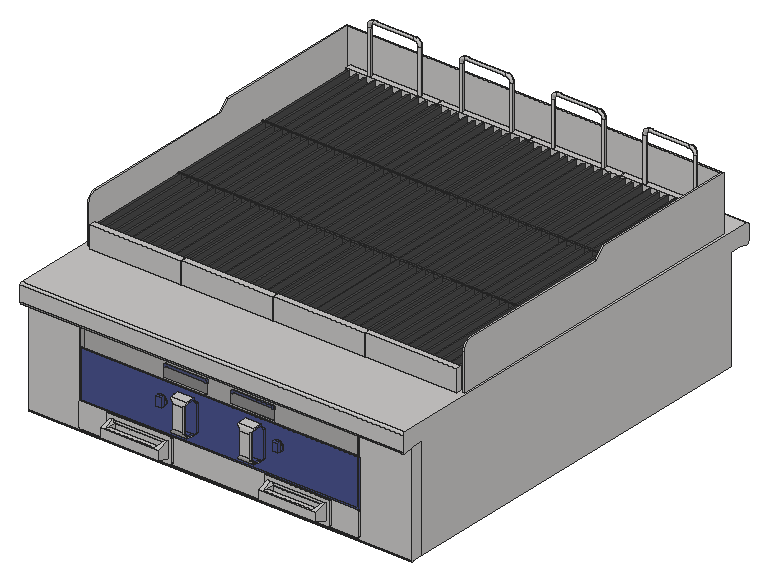
Revit family "QF_ELECTROLUXPROFESSIONAL_589280_MCDBAAHOPO", category Specialty Equipment, Revit 2018
Family settings
  Round Connector Dimension = Use Diameter
  Part Type = Normal
  Work Plane-Based = No
  Always vertical = Yes
  Cut with Voids When Loaded = No
  Shared = No
  Room Calculation Point = No
Parameters
  Weight in Pounds = 253.5
  Watts = 0 W
  URL Cutsheet = ""
  Type Mark [instance] = ""
  Specification by User [instance] = ""
  Specification by Manufacturer = ""
  Show Clearance [instance] = yes
  Serial Number = ""
  Seismic Rating = ""
  SMACNA No = ""
  Revision Code [instance] = ""
  Omniclass Number and Title = ""
  NAFEM Spec ID Number = ""
  Model = "589280"
  Mechanical Remarks = ""
  Mechanical Connection Type = ""
  Masterspec = ""
  Manufacturer = "ELECTROLUX"
  Item Number [instance] = ""
  Installed By [instance] = ""
  Identify Quantity as Lot [instance] = yes
  HP = "0 HP"
  Gas Size = 3/4"
  Gas RI Height [instance] = 0 mm
  Gas KW = 21
  Gas Input [instance] = 71589.0 Btu/h
  Gas Connection Height = 0 mm
  Furnished By [instance] = ""
  Foodservice Equipment Identifier [instance] = yes
  Direct Waste Size = 0"
  Description = "GAS CHARGRILL,1-SIDE,800X900X250H"
  CSI MasterFormat = ""
  CSI Master Format = ""
Reference planes
  plane 1 "BACK": y = 0
  plane 2: z = 0
  plane 3 "LEFT": x = 0
  plane 4 "RIGHT": x = 800
  plane 5 "FRONT": y = -900
  plane 6 "TOP": z = 250
  plane 7: x = 400
  plane 8: y = -450
  plane 9: y = -1330
Forms (mm)
  Extrusion 1, solid, material "QF_Finishes_Stainless Steel"
    sketch origin (0, -487.128, 0) x (0, 1, 0) y (0, 0, 1)
      loop
        line (483.128, 250) -> (-408.872, 250)
        arc (-408.872, 250) -> (-411.7, 248.828) -> (-412.872, 246) r 4
        line (-412.872, 246) -> (-412.872, 214)
        arc (-412.872, 214) -> (-411.443, 210.936) -> (-408.177, 210.061) r 4
        line (-408.177, 210.061) -> (-391.509, 213) -> (-366.872, 213) -> (-366.872, 0) -> (441.128, 0) -> (441.128, 213) -> (465.765, 213) -> (482.433, 210.061)
        arc (482.433, 210.061) -> (485.699, 210.936) -> (487.128, 214) r 4
        line (487.128, 214) -> (487.128, 246)
        arc (487.128, 246) -> (485.956, 248.828) -> (483.128, 250) r 4
    from 0 to 800
  Extrusion 2, solid, material "QF_Finishes_Stainless Steel"
    sketch origin (0, -854, 0) x (1, 0, 0) y (0, -1, 0)
      loop
        circle (760, -264) r 6.35
    from 0 to 3.2
  Extrusion 3, solid, material "QF_Clearances", visible <- "Show Clearance", detail levels coarse
    sketch origin (-178.969, -4572, 0) x (-1, 0, 0) y (0, -1, 0)
      loop
        line (-26.969, -3672) -> (-178.969, -3672) -> (-178.969, -4572) -> (-978.969, -4572) -> (-978.969, -3672) -> (-1130.969, -3672) -> (-1130.969, -4775) -> (-26.969, -4775) -> (-26.969, -3672)
    from 0 to 250
  Extrusion 4, solid, material "QF_Door-Drawer Clearances", visible <- "Show Clearance", detail levels coarse
    sketch origin (437.31, -881.593, 8.62) x (0, 0, 1) y (-1, 0, 0)
      loop
        line (1.973, -254.69) -> (49.317, -254.69)
        arc (49.317, -254.69) -> (50.776, -254.086) -> (51.38, -252.627) r 2.063
        line (51.38, -252.627) -> (51.38, 326.457)
        arc (51.38, 326.457) -> (50.88, 328.154) -> (49.541, 329.31) r 3.133
        line (49.541, 329.31) -> (3.067, 329.31)
        arc (3.067, 329.31) -> (0.898, 328.412) -> (0, 326.243) r 3.067
        line (0, 326.243) -> (0, -252.717)
        arc (0, -252.717) -> (0.578, -254.112) -> (1.973, -254.69) r 1.973
    from 0 to 448.407
Lines and regions (mm)
  symbolic lines
    curve 1: line (0, 0, 0) -> (800, 0, 0)
    curve 2: line (0, -900, 0) -> (0, 0, 0)
    curve 3: line (800, -900, 0) -> (0, -900, 0)
    curve 4: line (800, 0, 0) -> (800, -900, 0)
  symbolic lines, style "QF_Clearances", visible <- "Show Clearance", detail levels coarse
    curve 5: line (-152, 203, 0) -> (-152, -900, 0)
    curve 6: line (952, 203, 0) -> (-152, 203, 0)
    curve 7: line (952, -900, 0) -> (952, 203, 0)
  symbolic lines, style "QF_Door-Drawer Clearances"
    curve 8: line (108, -900, 0) -> (108, -1330, 0)
    curve 9: line (108, -1330, 0) -> (692, -1330, 0)
    curve 10: line (692, -1330, 0) -> (692, -900, 0)
Dimensions and locks
  plane 3 "LEFT" to plane 4 "RIGHT" = 800 mm
  plane 5 "FRONT" to plane 1 "BACK" = 900 mm
  equal spacing: plane 3 "LEFT", plane 7, plane 4 "RIGHT"
  equal spacing: plane 5 "FRONT", plane 8, plane 1 "BACK"
  plane 6 "TOP" to level = 250 mm  (x2)
  plane 1 "BACK" to plane 5 "FRONT" = 900 mm
  Extrusion 2 sketch curve to plane 1 "BACK" = 590 mm
  Extrusion 2 sketch curve to plane 4 "RIGHT" = 40 mm
  Extrusion 3 to plane 3 "LEFT" = 152 mm
  locked: plane 4 "RIGHT" to Extrusion 3 at 152
  plane 1 "BACK" to Extrusion 3 = 203 mm
  plane 9 to plane 5 "FRONT" = 430 mm
  aligned and locked: level to plane 2
  aligned and locked: plane 6 "TOP" to Extrusion 3
  aligned and locked: Extrusion 1 to plane 4 "RIGHT"
  aligned and locked: plane 7 to nested 1
Automatic sketch dimensions
  Extrusion 1 sketch curve to plane 5 "FRONT" = 0 mm
  Extrusion 1 sketch curve to plane 6 "TOP" = 0 mm
  Extrusion 1 sketch curve to level = 0 mm
  Extrusion 1 sketch curve to plane 1 "BACK" = 0 mm
  Extrusion 1 sketch curve to plane 6 "TOP" = 37 mm  (x2)
  Extrusion 1 sketch curve to plane 5 "FRONT" = 4 mm
  Extrusion 1 sketch curve to plane 5 "FRONT" = 21.363 mm
  Extrusion 1 sketch curve to Extrusion 1 sketch curve = 24.637 mm
  plane 1 "BACK" to Extrusion 1 sketch curve = 46 mm
  plane 1 "BACK" to Extrusion 1 sketch curve = 21.363 mm
  plane 1 "BACK" to Extrusion 1 sketch curve = 4 mm  (x2)
  Extrusion 1 sketch curve to Extrusion 1 sketch curve = 4 mm
  Extrusion 1 sketch curve to Extrusion 1 sketch curve = 0.695 mm
  Extrusion 1 sketch curve to Extrusion 1 sketch curve = 0 mm  (x4)
  plane 1 "BACK" to Extrusion 1 sketch curve = 4.695 mm
  Extrusion 1 sketch curve to Extrusion 1 sketch curve = 1 mm  (x2)
  plane 5 "FRONT" to Extrusion 3 sketch curve = 0 mm  (x2)
  plane 1 "BACK" to Extrusion 3 sketch curve = 0 mm
  Extrusion 3 sketch curve to plane 4 "RIGHT" = 0 mm
  Extrusion 3 sketch curve to plane 3 "LEFT" = 0 mm
  Extrusion 3 sketch curve to plane 1 "BACK" = 203 mm
  Extrusion 3 sketch curve to plane 4 "RIGHT" = 152 mm
  Extrusion 3 sketch curve to plane 3 "LEFT" = 152 mm
  curve 4 to plane 4 "RIGHT" = 0 mm
  plane 1 "BACK" to curve 1 = 0 mm
  curve 1 to plane 3 "LEFT" = 0 mm
  plane 5 "FRONT" to curve 4 = 0 mm
  plane 5 "FRONT" to curve 7 = 0 mm
  plane 5 "FRONT" to curve 5 = 0 mm
  curve 6 to plane 4 "RIGHT" = 152 mm
  curve 5 to plane 3 "LEFT" = 152 mm
  curve 7 to plane 1 "BACK" = 203 mm
  plane 5 "FRONT" to curve 8 = 0 mm
  plane 5 "FRONT" to curve 10 = 0 mm
  plane 3 "LEFT" to curve 8 = 108 mm
  plane 4 "RIGHT" to curve 10 = 108 mm
  curve 10 to curve 10 = 430 mm
  level to Extrusion 4 sketch curve = 8.62 mm
  level to Extrusion 4 sketch curve = 57.937 mm
  plane 4 "RIGHT" to Extrusion 4 sketch curve = 108 mm
  Extrusion 4 sketch curve to Extrusion 4 sketch curve = 1.973 mm
  Extrusion 4 sketch curve to Extrusion 4 sketch curve = 3.067 mm
  Extrusion 4 sketch curve to Extrusion 4 sketch curve = 46.474 mm
  Extrusion 4 sketch curve to Extrusion 4 sketch curve = 2.063 mm
  Extrusion 4 sketch curve to Extrusion 4 sketch curve = 1.293 mm
  plane 3 "LEFT" to Extrusion 4 sketch curve = 111.067 mm
  radius of Extrusion 2 sketch curve = 6.35 mm
Nested families
  nested 1: "FMGC_900_800 Front Panel two knobs" at (-200.158, -854, -650), type "FMGC_900_800 Front Panel two knobs"
    with Width 800 mm
  nested 2: "FMGC_900_CharGrill" at (138.888, -5, 0), type "FMGC_900_CharGrill"
    with Width 800 mm, No. of Rails 4, Grill Width 190 mm
Connectors
  piping at (760, -590, -3.2), diameter 12.8
    settings: on Extrusion 2, index 1, connector inside diameter 0.50394", connector length 0 mm, flow factor 0, pipe flow 0 GPM, pressure drop 0.00 psi, fitting loss kfactor 0, connector angle 0.00°, fixture units 0, engagement length 0 mm, angle of deflection 0.00°, flow configuration 1, flow direction 1, fitting loss method 0, system type 7, joint type 0, gender type 0, connector reference index -1, connector utility 0, adjustable connector no, is connector primary yes, connector description "GAS CONNECTION"
Definition of nested family "FMGC_900_800 Front Panel two knobs"
  Parameters
    Width [instance] = 800 mm
    Keynote = ""
  Reference planes
    plane 1 "Center (Front/Back)": y = 0
    plane 2: z = 0
    plane 3 "Center (Left/Right)": x = 200.158
    plane 4: x = 600.158
    plane 5: x = 530.079
    plane 6: x = 670.237
    plane 7: x = 1000.158
  Forms (mm)
    Extrusion 1, void
      sketch origin (1213.217, 829.203, -1.25) x (1, 0, 0) y (0, 0, 1)
        loop
          line (-321.059, 853.25) -> (-905.059, 853.25) -> (-905.059, 711.25) -> (-321.059, 711.25) -> (-321.059, 853.25)
      from 843.409 to 854.203
    Extrusion 2, solid
      sketch origin (1133.217, 829.203, -1.25) x (0, 1, 0) y (0, 0, 1)
        loop
          arc (-854.203, 654.25) -> (-853.324, 652.129) -> (-851.203, 651.25) r 3
          line (-851.203, 651.25) -> (-829.203, 651.25) -> (-829.203, 864.25) -> (-854.203, 864.25) -> (-854.203, 654.25)
      from -933.059 to -133.059
    Extrusion 3, solid
      sketch origin (520.816, -23.053, 847.184) x (0, 0, -1) y (1, 0, 0)
        loop
          circle (77.168, 200.901) r 11
      from 0 to 3.2
    Extrusion 4, solid
      sketch origin (520.816, -26.253, 847.184) x (0, 0, -1) y (1, 0, 0)
        loop
          line (67.962, 195.586) -> (86.297, 195.586) -> (86.297, 206.217) -> (67.962, 206.217) -> (67.962, 195.586)
      from 0 to 6.4
    Extrusion 5, solid
      sketch origin (679.5, -23.053, 847.184) x (0, 0, -1) y (1, 0, 0)
        loop
          circle (77.168, -200.901) r 11
      from 0 to 3.2
    Extrusion 6, solid
      sketch origin (679.5, -26.253, 847.184) x (0, 0, -1) y (1, 0, 0)
        loop
          line (67.962, -195.586) -> (67.962, -206.217) -> (86.297, -206.217) -> (86.297, -195.586) -> (67.962, -195.586)
      from 0 to 6.4
  Cuts and joins
    Extrusion 1 cuts Extrusion 2
  Lines and regions (mm)
    symbolic lines
      curve 1: line (384.141, -54.767, 0) -> (382.563, -46, 0)
      curve 2: line (384.141, -54.767, 0) -> (486.575, -54.767, 0)
      curve 3: line (486.575, -54.767, 0) -> (488.153, -46, 0)
      curve 4: line (713.74, -54.767, 0) -> (712.163, -46, 0)
      curve 5: line (816.175, -54.767, 0) -> (713.74, -54.767, 0)
      curve 6: line (816.175, -54.767, 0) -> (817.752, -46, 0)
      curve 7: line (514.26, -46, 0) -> (519.866, -47.583, 0)
      curve 8: line (519.866, -47.583, 0) -> (540.795, -47.583, 0)
      curve 9: line (540.795, -47.583, 0) -> (545.973, -46, 0)
      curve 10: line (686.055, -46, 0) -> (680.449, -47.583, 0)
      curve 11: line (680.449, -47.583, 0) -> (659.521, -47.583, 0)
      curve 12: line (659.521, -47.583, 0) -> (654.343, -46, 0)
  Dimensions and locks
    equal spacing: plane 7, plane 4, plane 3 "Center (Left/Right)"
    "Width": plane 7 to plane 3 "Center (Left/Right)"
    equal spacing: plane 6, plane 4, plane 5
    Extrusion 1 sketch curve to plane 4 to Extrusion 1 sketch curve = 292 mm locked, 292 mm locked
    aligned and locked: Extrusion 1 to nested 3
    aligned and locked: plane 6 to nested 2
    aligned and locked: cut or joined group of Extrusion 1, Extrusion 2 to plane 7
    aligned and locked: cut or joined group of Extrusion 1, Extrusion 2 to plane 3 "Center (Left/Right)"
  Automatic sketch dimensions
    Extrusion 4 sketch curve to Extrusion 4 sketch curve = 18.335 mm
    Extrusion 4 sketch curve to Extrusion 4 sketch curve = 10.631 mm
    Extrusion 6 sketch curve to Extrusion 6 sketch curve = 18.335 mm
    Extrusion 6 sketch curve to Extrusion 6 sketch curve = 10.631 mm
    plane 1 "Center (Front/Back)" to curve 2 = 54.767 mm
    curve 2 to plane 5 = 145.938 mm
    plane 1 "Center (Front/Back)" to curve 5 = 54.767 mm
    curve 2 to plane 5 = 43.504 mm
    curve 8 to plane 5 = 10.213 mm
    plane 5 to curve 8 = 10.716 mm
    curve 11 to plane 6 = 10.716 mm
    plane 6 to curve 10 = 10.213 mm
    curve 10 to curve 4 = 33.291 mm
    curve 4 to curve 5 = 102.435 mm
    plane 1 "Center (Front/Back)" to curve 1 = 46 mm
    curve 1 to curve 1 = 1.578 mm
    curve 2 to curve 3 = 1.578 mm
    curve 7 to curve 7 = 5.606 mm
    curve 8 to curve 9 = 5.178 mm
    curve 12 to curve 11 = 5.178 mm
    curve 10 to curve 10 = 5.606 mm
    curve 4 to curve 4 = 1.578 mm
    plane 1 "Center (Front/Back)" to curve 6 = 46 mm
    curve 5 to curve 6 = 1.578 mm
    plane 1 "Center (Front/Back)" to curve 12 = 47.583 mm
    plane 1 "Center (Front/Back)" to curve 9 = 47.583 mm
    curve 7 to curve 7 = 1.583 mm
    curve 8 to curve 9 = 1.583 mm
    curve 2 to curve 3 = 8.767 mm
    curve 10 to curve 10 = 1.583 mm
    curve 4 to curve 4 = 8.767 mm
    curve 11 to curve 12 = 1.583 mm
    level to Extrusion 1 sketch curve = 710 mm
    Extrusion 1 sketch curve to Extrusion 1 sketch curve = 142 mm
    Extrusion 2 sketch curve to plane 1 "Center (Front/Back)" = 0 mm
    level to Extrusion 2 sketch curve = 650 mm
    Extrusion 2 sketch curve to Extrusion 2 sketch curve = 22 mm
    Extrusion 2 sketch curve to Extrusion 2 sketch curve = 3 mm
    Extrusion 2 sketch curve to Extrusion 2 sketch curve = 210 mm
    plane 6 to Extrusion 3 sketch curve = 51.48 mm
    level to Extrusion 3 sketch curve = 770.016 mm
    Extrusion 5 sketch curve to plane 5 = 51.48 mm
    level to Extrusion 5 sketch curve = 770.016 mm
    radius of Extrusion 3 sketch curve = 11 mm
    radius of Extrusion 5 sketch curve = 11 mm
  Nested families
    nested 1: "FMGC_Sml  Range Control Handle" at (530.079, -26.645, -204.867), type "FMGC_Sml  Range Control Handle"
    nested 2: "FMGC_Sml  Range Control Handle" at (670.237, -26.645, -204.867), type "FMGC_Sml  Range Control Handle"
    nested 3: "800 Glass Control Pannel with two reads" at (308.158, -26.645, 5.811), type "800 Glass Control Pannel with two reads"
    nested 4: "FMGC_grease trap door" at (892.158, -25, 0.608) x (-1, 0, 0) z (0, 0, 1), type "FMGC_grease trap door"
  Definition of nested family "FMGC_Sml  Range Control Handle"
    Reference planes
      plane 1 "Center (Front/Back)": y = 0
      plane 2: z = 0
      plane 3 "Center (Left/Right)": x = 0
      plane 4: z = 971.092
    Forms (mm)
      Extrusion 1, solid
        sketch origin (-746.28, 380.497, 208.931) x (-1, 0, 0) y (0, 0, 1)
          loop
            line (-770.101, 786.798) -> (-770.101, 731.649)
            arc (-770.101, 731.649) -> (-769.759, 730.563) -> (-768.855, 729.87) r 1.893
            line (-768.855, 729.87) -> (-763.474, 727.911) -> (-729.81, 727.911) -> (-724.428, 729.87)
            arc (-724.428, 729.87) -> (-723.525, 730.563) -> (-723.183, 731.649) r 1.893
            line (-723.183, 731.649) -> (-723.183, 786.798)
            arc (-723.183, 786.798) -> (-723.529, 787.894) -> (-724.44, 788.593) r 1.91
            line (-724.44, 788.593) -> (-729.683, 790.819) -> (-763.601, 790.819) -> (-768.844, 788.593)
            arc (-768.844, 788.593) -> (-769.755, 787.894) -> (-770.101, 786.798) r 1.91
        from -382.35 to -378.852
      Sweep 2, solid
        path origin (-746.788, 380.496, 208.091) x (0, -1, 0) y (0, 0, 1)
          loop
            line (379.775, 793.281) -> (395.661, 791.048)
            arc (395.661, 791.048) -> (397.781, 787.377) -> (398.517, 783.202) r 12.207
            line (398.517, 783.202) -> (398.517, 737.368)
            arc (398.517, 737.368) -> (397.781, 733.193) -> (395.661, 729.522) r 12.207
            line (395.661, 729.522) -> (379.775, 727.289)
        profile origin (-746.788, -7.222, 1000.256) x (0, -0.139173, 0.990268) y (-1, 0, 0)
          loop
            line (0.782, -763.123) -> (0.782, -730.907) -> (-1.322, -730.907) -> (-1.322, -763.123) -> (0.782, -763.123)
      Sweep 3, solid
        path origin (-746.788, 380.715, 207.832) x (0, -1, 0) y (0, 0, 1)
          loop
            line (380.478, 795.442) -> (397.218, 793.09)
            arc (397.218, 793.09) -> (399.929, 788.473) -> (400.871, 783.202) r 15.207
            line (400.871, 783.202) -> (400.871, 737.584)
            arc (400.871, 737.584) -> (399.914, 732.274) -> (397.164, 727.633) r 15.207
            line (397.164, 727.633) -> (380.601, 725.305)
        profile origin (-746.788, -8.132, 1002.099) x (0, -0.139173, 0.990268) y (-1, 0, 0)
          loop
            line (0.782, -763.123) -> (0.782, -730.907) -> (-1.322, -730.907) -> (-1.322, -763.123) -> (0.782, -763.123)
      Extrusion 4, void
        sketch origin (889.253, 220.666, 207.993) x (1, 0, 0) y (0, 0, 1)
          loop
            line (-943.038, 816.854) -> (-943.038, 703.686) -> (-899.466, 734.196) -> (-899.466, 786.344) -> (-943.038, 816.854)
        from 230.636 to 242.25
      Extrusion 5, void
        sketch origin (-888.8, 220.666, 207.993) x (-1, 0, 0) y (0, 0, -1)
          loop
            line (-943.038, -816.854) -> (-899.466, -786.344) -> (-899.466, -734.196) -> (-943.038, -703.686) -> (-943.038, -816.854)
        from 230.636 to 242.25
      Extrusion 6, solid
        sketch origin (0, 0, 0) x (1, 0, 0) y (0, 0, 1)
          loop
            circle (0, 971.092) r 7.736
        from -3.137 to -1.645
    Cuts and joins
      Extrusion 4, Extrusion 5 cuts Sweep 3
      Extrusion 4, Extrusion 5 cuts Sweep 2
      joined: Extrusion 1, Extrusion 6
    Lines and regions (mm)
      symbolic lines
        curve 1: line (23.821, 1.645, 0) -> (-23.097, 1.645, 0)
        curve 2: line (16.334, -1.853, 0) -> (23.821, -1.853, 0)
        curve 3: line (-15.881, -19.189, 0) -> (-15.881, -1.853, 0)
        curve 4: line (-23.097, -1.853, 0) -> (-15.881, -1.853, 0)
        curve 5: line (16.334, -19.189, 0) -> (16.334, -1.853, 0)
        curve 6: spline (-15.881, -19.189, 0) -> (-15.417, -19.349, 0) -> (-14.951, -19.501, 0) -> (-14.483, -19.646, 0) -> (-14.014, -19.783, 0) -> (-13.543, -19.912, 0) -> (-13.071, -20.033, 0) -> (-12.597, -20.146, 0) -> (-12.122, -20.251, 0) -> (-11.646, -20.349, 0) -> (-11.169, -20.438, 0) -> (-10.691, -20.52, 0) -> (-10.213, -20.593, 0)
        curve 7: spline (10.666, -20.593, 0) -> (11.144, -20.52, 0) -> (11.622, -20.438, 0) -> (12.099, -20.349, 0) -> (12.575, -20.251, 0) -> (13.05, -20.146, 0) -> (13.524, -20.033, 0) -> (13.996, -19.912, 0) -> (14.467, -19.783, 0) -> (14.936, -19.646, 0) -> (15.404, -19.501, 0) -> (15.87, -19.349, 0) -> (16.334, -19.189, 0)
        curve 8: line (-10.213, -20.938, 0) -> (10.716, -20.938, 0)
        curve 9: line (-23.097, 1.645, 0) -> (-23.097, -1.853, 0)
        curve 10: line (23.821, 1.645, 0) -> (23.821, -1.853, 0)
    Dimensions and locks
      cut or joined group of Sweep 3, Extrusion 4, Extrusion 5 to cut or joined group of Sweep 3, Extrusion 4, Extrusion 5 = 71.686 mm
  Definition of nested family "800 Glass Control Pannel with two reads"
    Reference planes
      plane 1 "Center (Front/Back)": y = 0
      plane 2: z = 0
      plane 3 "Center (Left/Right)": x = 0
      plane 4: x = 584
      plane 5: x = 581.091
      plane 6 "Top": z = 846.189
      plane 7 "Center": x = 292
      plane 8: x = 362
      plane 9: x = 222
    Forms (mm)
      Extrusion 1, solid
        sketch origin (550.286, 304.8, -4.308) x (1, 0, 0) y (0, 0, 1)
          loop
            line (-550.286, 806.791) -> (-550.286, 708.497) -> (33.714, 708.497) -> (33.714, 806.791) -> (-550.286, 806.791)
        from 300.031 to 304.8
      Extrusion 2, solid
        sketch origin (550.286, 304.8, -4.308) x (1, 0, 0) y (0, 0, 1)
          loop
            line (-550.286, 850.497) -> (-550.286, 806.791) -> (33.714, 806.791) -> (33.714, 850.497) -> (-550.286, 850.497)
        from 300.031 to 304.8
      Extrusion 3, void
        sketch origin (550.286, 304.8, -4.308) x (1, 0, 0) y (0, 0, 1)
          loop
            line (-547.628, 847.565) -> (-547.628, 710.699) -> (30.804, 710.699) -> (30.804, 847.565) -> (-547.628, 847.565)
        from 303.697 to 304.8
      Extrusion 4, solid, not visible
        sketch origin (493.319, 305.901, -4.308) x (1, 0, 0) y (0, 0, 1)
          loop
            line (-96.074, 812.62) -> (-96.074, 834.177) -> (-100.807, 834.177) -> (-102.607, 835.977) -> (-181.357, 835.977) -> (-183.157, 834.177) -> (-188.074, 834.177) -> (-188.074, 812.62) -> (-96.074, 812.62)
        from 304.798 to 306.745
      Extrusion 5, solid, not visible
        sketch origin (493.319, 305.901, -4.308) x (1, 0, 0) y (0, 0, 1)
          loop
            line (-183.059, 834.177) -> (-181.26, 835.977) -> (-102.627, 835.977) -> (-100.827, 834.177) -> (-96.116, 834.177)
            arc (-96.116, 834.177) -> (-97.293, 838.752) -> (-101.568, 840.763) r 5.549
            line (-101.568, 840.763) -> (-182.476, 840.763)
            arc (-182.476, 840.763) -> (-186.732, 838.747) -> (-187.868, 834.177) r 5.5
            line (-187.868, 834.177) -> (-183.059, 834.177)
        from 304.798 to 306.745
      Extrusion 6, solid
        sketch origin (425.389, 305.901, -4.308) x (1, 0, 0) y (0, 0, 1)
          loop
            line (-17.411, 812.62) -> (-17.411, 834.177) -> (-22.144, 834.177) -> (-23.944, 835.977) -> (-102.694, 835.977) -> (-104.494, 834.177) -> (-109.411, 834.177) -> (-109.411, 812.62) -> (-17.411, 812.62)
        from 304.798 to 306.745
      Extrusion 7, solid
        sketch origin (425.389, 305.901, -4.308) x (1, 0, 0) y (0, 0, 1)
          loop
            line (-104.396, 834.177) -> (-102.597, 835.977) -> (-23.964, 835.977) -> (-22.164, 834.177) -> (-17.453, 834.177)
            arc (-17.453, 834.177) -> (-18.63, 838.752) -> (-22.905, 840.763) r 5.549
            line (-22.905, 840.763) -> (-103.813, 840.763)
            arc (-103.813, 840.763) -> (-108.069, 838.747) -> (-109.205, 834.177) r 5.5
            line (-109.205, 834.177) -> (-104.396, 834.177)
        from 304.798 to 306.745
      Extrusion 8, solid
        sketch origin (561.21, 305.901, -4.308) x (1, 0, 0) y (0, 0, 1)
          loop
            line (-385.188, 812.62) -> (-293.188, 812.62) -> (-293.188, 834.177) -> (-298.105, 834.177) -> (-299.905, 835.977) -> (-378.655, 835.977) -> (-380.455, 834.177) -> (-385.188, 834.177) -> (-385.188, 812.62)
        from 304.798 to 306.745
      Extrusion 9, solid
        sketch origin (561.21, 305.901, -4.308) x (1, 0, 0) y (0, 0, 1)
          loop
            line (-298.203, 834.177) -> (-293.394, 834.177)
            arc (-293.394, 834.177) -> (-294.53, 838.747) -> (-298.786, 840.763) r 5.5
            line (-298.786, 840.763) -> (-379.695, 840.763)
            arc (-379.695, 840.763) -> (-383.97, 838.752) -> (-385.146, 834.177) r 5.549
            line (-385.146, 834.177) -> (-380.435, 834.177) -> (-378.636, 835.977) -> (-300.003, 835.977) -> (-298.203, 834.177)
        from 304.798 to 306.745
    Cuts and joins
      Extrusion 3 cuts Extrusion 1
      Extrusion 3 cuts Extrusion 2
    Lines and regions (mm)
      symbolic lines
        curve 1: line (0, 4.769, 0) -> (584, 4.769, 0)
    Dimensions and locks
      plane 7 "Center" to plane 9 = 70 mm
      plane 8 to plane 7 "Center" = 70 mm
      aligned and locked: Extrusion 1 to Extrusion 2
      aligned and locked: Extrusion 6 to Extrusion 7
      aligned and locked: Extrusion 8 to Extrusion 9
  Definition of nested family "FMGC_grease trap door"
    Reference planes
      plane 1 "Center (Front/Back)": y = 0
      plane 2: z = 0
      plane 3 "Center (Left/Right)": x = 0
      plane 4: x = 584
      plane 5: x = 292
    Forms (mm)
      Extrusion 1, solid
        sketch origin (1686.556, 854.203, -1.25) x (1, 0, 0) y (0, 0, 1)
          loop
            arc (-1627.55, 661.235) -> (-1626.972, 659.84) -> (-1625.577, 659.262) r 1.973
            line (-1625.577, 659.262) -> (-1494.325, 659.262)
            arc (-1494.325, 659.262) -> (-1492.156, 660.16) -> (-1491.258, 662.329) r 3.067
            line (-1491.258, 662.329) -> (-1491.258, 708.803)
            arc (-1491.258, 708.803) -> (-1492.414, 710.143) -> (-1494.111, 710.642) r 3.133
            line (-1494.111, 710.642) -> (-1625.486, 710.642)
            arc (-1625.486, 710.642) -> (-1626.945, 710.038) -> (-1627.55, 708.579) r 2.063
            line (-1627.55, 708.579) -> (-1627.55, 661.235)
        from 856.795 to 859.203
      Extrusion 2, solid
        sketch origin (504.88, 2476.61, 0) x (0, 1, 0) y (0, 0, 1)
          loop
            line (-2506.377, 675.273) -> (-2481.61, 667.505) -> (-2481.61, 700.995) -> (-2506.377, 693.227) -> (-2506.377, 675.273)
        from -437.68 to -317.68
      Extrusion 3, void
        sketch origin (1686.556, 854.203, -1.25) x (1, 0, 0) y (0, 0, 1)
          loop
            line (-1614.883, 703) -> (-1610.542, 695.433) -> (-1508.17, 695.433) -> (-1503.828, 703) -> (-1614.883, 703)
          loop
            line (-1614.883, 668) -> (-1502.669, 668) -> (-1507.01, 675.567) -> (-1610.542, 675.567) -> (-1614.883, 668)
        from 832.916 to 883.97
      Extrusion 4, void
        sketch origin (506.556, 854.203, -1.25) x (1, 0, 0) y (0, 0, 1)
          loop
            line (-430.542, 695.433) -> (-430.542, 675.567) -> (-328.17, 675.567) -> (-328.17, 695.433) -> (-430.542, 695.433)
        from 859.203 to 874.202
      Extrusion 5, solid
        sketch origin (1731.556, 854.203, -1.25) x (1, 0, 0) y (0, 0, 1)
          loop
            arc (-1731.556, 661.235) -> (-1730.978, 659.84) -> (-1729.583, 659.262) r 1.973
            line (-1729.583, 659.262) -> (-1150.623, 659.262)
            arc (-1150.623, 659.262) -> (-1148.454, 660.16) -> (-1147.556, 662.329) r 3.067
            line (-1147.556, 662.329) -> (-1147.556, 708.803)
            arc (-1147.556, 708.803) -> (-1148.712, 710.143) -> (-1150.409, 710.642) r 3.133
            line (-1150.409, 710.642) -> (-1729.493, 710.642)
            arc (-1729.493, 710.642) -> (-1730.952, 710.038) -> (-1731.556, 708.579) r 2.063
            line (-1731.556, 708.579) -> (-1731.556, 661.235)
        from 854.203 to 856.795
      Extrusion 6, solid
        sketch origin (-1102.556, 854.203, -1.25) x (-1, 0, 0) y (0, 0, -1)
          loop
            line (-1627.55, -661.235) -> (-1627.55, -708.579)
            arc (-1627.55, -708.579) -> (-1626.945, -710.038) -> (-1625.486, -710.642) r 2.063
            line (-1625.486, -710.642) -> (-1494.111, -710.642)
            arc (-1494.111, -710.642) -> (-1492.414, -710.143) -> (-1491.258, -708.803) r 3.133
            line (-1491.258, -708.803) -> (-1491.258, -662.329)
            arc (-1491.258, -662.329) -> (-1492.156, -660.16) -> (-1494.325, -659.262) r 3.067
            line (-1494.325, -659.262) -> (-1625.577, -659.262)
            arc (-1625.577, -659.262) -> (-1626.972, -659.84) -> (-1627.55, -661.235) r 1.973
        from 856.795 to 859.203
      Extrusion 7, solid
        sketch origin (79.12, 2476.61, 0) x (0, 1, 0) y (0, 0, -1)
          loop
            line (-2506.377, -675.273) -> (-2506.377, -693.227) -> (-2481.61, -700.995) -> (-2481.61, -667.505) -> (-2506.377, -675.273)
        from -437.68 to -317.68
      Extrusion 8, void
        sketch origin (-1102.556, 854.203, -1.25) x (-1, 0, 0) y (0, 0, -1)
          loop
            line (-1614.883, -703) -> (-1503.828, -703) -> (-1508.17, -695.433) -> (-1610.542, -695.433) -> (-1614.883, -703)
          loop
            line (-1614.883, -668) -> (-1610.542, -675.567) -> (-1507.01, -675.567) -> (-1502.669, -668) -> (-1614.883, -668)
        from 832.916 to 883.97
      Extrusion 9, void
        sketch origin (77.444, 854.203, -1.25) x (-1, 0, 0) y (0, 0, -1)
          loop
            line (-430.542, -695.433) -> (-328.17, -695.433) -> (-328.17, -675.567) -> (-430.542, -675.567) -> (-430.542, -695.433)
        from 859.203 to 874.202
    Cuts and joins
      Extrusion 3, Extrusion 8, Extrusion 9 cuts Extrusion 1
      Extrusion 3, Extrusion 4, Extrusion 8, Extrusion 9 cuts Extrusion 2
      joined: Extrusion 1, Extrusion 2
      Extrusion 8 cuts Extrusion 6
      Extrusion 8, Extrusion 9 cuts Extrusion 7
    Lines and regions (mm)
      symbolic lines
        curve 1: line (0, -2.593, 0) -> (136.292, -2.593, 0)
        curve 2: line (75.983, -29.767, 0) -> (71.093, -2.593, 0)
        curve 3: line (75.983, -29.767, 0) -> (178.418, -29.767, 0)
        curve 4: line (178.418, -29.767, 0) -> (183.308, -2.593, 0)
        curve 5: line (68.146, -2.593, 0) -> (68.146, -29.767, 0)
        curve 8: line (508.017, -29.767, 0) -> (512.907, -2.593, 0)
        curve 9: line (508.017, -29.767, 0) -> (405.582, -29.767, 0)
        curve 10: line (405.582, -29.767, 0) -> (400.692, -2.593, 0)
      model lines
        curve 6: line (126.605, 0, 658.012) -> (126.605, 0, 709.392)
        curve 7: line (457.395, 0, 658.012) -> (457.395, 0, 709.392)
    Dimensions and locks
      plane 4 to plane 3 "Center (Left/Right)" = 584 mm
      equal spacing: plane 4, plane 5, plane 3 "Center (Left/Right)"
      aligned and locked: Extrusion 2 to Extrusion 1
      aligned and locked: Extrusion 3 to Extrusion 2
      aligned and locked: Extrusion 4 to Extrusion 1
      aligned and locked: Extrusion 6 to Extrusion 7
      aligned and locked: Extrusion 7 to Extrusion 8
      aligned and locked: Extrusion 6 to Extrusion 9
    Automatic sketch dimensions
      plane 3 "Center (Left/Right)" to curve 6 = 126.605 mm
      curve 7 to plane 4 = 126.605 mm
      level to curve 7 = 658.012 mm
      curve 6 to curve 7 = 0 mm
      curve 7 to curve 7 = 51.38 mm
      curve 6 to curve 6 = 51.38 mm
      plane 3 "Center (Left/Right)" to Extrusion 1 sketch curve = 59.006 mm
      plane 3 "Center (Left/Right)" to Extrusion 1 sketch curve = 60.979 mm
      level to Extrusion 1 sketch curve = 658.012 mm
      Extrusion 1 sketch curve to Extrusion 1 sketch curve = 2.063 mm
      Extrusion 1 sketch curve to plane 5 = 99.769 mm
      Extrusion 1 sketch curve to Extrusion 1 sketch curve = 0.214 mm
      Extrusion 1 sketch curve to Extrusion 1 sketch curve = 3.067 mm
      Extrusion 1 sketch curve to Extrusion 1 sketch curve = 47.344 mm
      Extrusion 1 sketch curve to Extrusion 1 sketch curve = 1.839 mm
      plane 3 "Center (Left/Right)" to Extrusion 3 sketch curve = 71.673 mm  (x2)
      level to Extrusion 3 sketch curve = 666.75 mm
      Extrusion 3 sketch curve to Extrusion 3 sketch curve = 4.341 mm  (x4)
      Extrusion 3 sketch curve to Extrusion 3 sketch curve = 102.372 mm
      Extrusion 3 sketch curve to Extrusion 3 sketch curve = 1.16 mm
      Extrusion 3 sketch curve to Extrusion 3 sketch curve = 7.567 mm  (x2)
      Extrusion 3 sketch curve to Extrusion 3 sketch curve = 19.866 mm
      plane 3 "Center (Left/Right)" to Extrusion 4 sketch curve = 76.014 mm
      level to Extrusion 4 sketch curve = 674.317 mm
      Extrusion 4 sketch curve to Extrusion 4 sketch curve = 102.372 mm
      Extrusion 4 sketch curve to Extrusion 4 sketch curve = 19.866 mm
      Extrusion 5 sketch curve to plane 3 "Center (Left/Right)" = 0 mm
      Extrusion 5 sketch curve to plane 4 = 0 mm
      plane 3 "Center (Left/Right)" to Extrusion 5 sketch curve = 1.973 mm
      level to Extrusion 5 sketch curve = 658.012 mm
      plane 3 "Center (Left/Right)" to Extrusion 5 sketch curve = 2.063 mm
      Extrusion 5 sketch curve to plane 4 = 3.067 mm
      Extrusion 5 sketch curve to plane 4 = 2.853 mm
      Extrusion 5 sketch curve to Extrusion 5 sketch curve = 47.344 mm
      Extrusion 5 sketch curve to Extrusion 5 sketch curve = 1.839 mm
      Extrusion 6 sketch curve to plane 4 = 59.006 mm
      plane 5 to Extrusion 6 sketch curve = 99.555 mm
      level to Extrusion 6 sketch curve = 709.392 mm
      Extrusion 6 sketch curve to Extrusion 6 sketch curve = 1.973 mm
      Extrusion 6 sketch curve to Extrusion 6 sketch curve = 2.063 mm
      Extrusion 6 sketch curve to Extrusion 6 sketch curve = 0.214 mm
      Extrusion 6 sketch curve to Extrusion 6 sketch curve = 3.067 mm
      Extrusion 6 sketch curve to Extrusion 6 sketch curve = 1.839 mm
      Extrusion 6 sketch curve to Extrusion 6 sketch curve = 45.181 mm
      Extrusion 8 sketch curve to plane 4 = 71.673 mm
      level to Extrusion 8 sketch curve = 701.75 mm
      Extrusion 8 sketch curve to Extrusion 8 sketch curve = 0 mm
      Extrusion 8 sketch curve to Extrusion 8 sketch curve = 4.341 mm  (x4)
      Extrusion 8 sketch curve to Extrusion 8 sketch curve = 102.372 mm
      Extrusion 8 sketch curve to Extrusion 8 sketch curve = 1.16 mm
      Extrusion 8 sketch curve to Extrusion 8 sketch curve = 7.567 mm  (x2)
      Extrusion 8 sketch curve to Extrusion 8 sketch curve = 19.866 mm
      Extrusion 9 sketch curve to plane 4 = 76.014 mm
      plane 5 to Extrusion 9 sketch curve = 113.614 mm
      level to Extrusion 9 sketch curve = 694.183 mm
      Extrusion 9 sketch curve to Extrusion 9 sketch curve = 19.866 mm
      plane 1 "Center (Front/Back)" to curve 2 = 29.767 mm
      plane 3 "Center (Left/Right)" to curve 2 = 75.983 mm
      plane 1 "Center (Front/Back)" to curve 10 = 29.767 mm
      curve 1 to plane 3 "Center (Left/Right)" = 0 mm
      curve 2 to curve 4 = 102.435 mm
      plane 5 to curve 9 = 113.582 mm
      curve 8 to plane 4 = 75.983 mm
      curve 5 to curve 2 = 7.837 mm
      plane 1 "Center (Front/Back)" to curve 2 = 2.593 mm
      curve 5 to curve 2 = 2.947 mm
      curve 1 to curve 3 = 42.126 mm
      plane 1 "Center (Front/Back)" to curve 4 = 2.593 mm
      curve 3 to curve 4 = 4.89 mm
      plane 1 "Center (Front/Back)" to curve 10 = 2.593 mm
      curve 10 to curve 9 = 4.89 mm
      plane 1 "Center (Front/Back)" to curve 8 = 2.593 mm
      curve 9 to curve 8 = 4.89 mm
      curve 5 to curve 2 = 0 mm
      plane 1 "Center (Front/Back)" to Extrusion 2 sketch curve = 29.767 mm
      plane 1 "Center (Front/Back)" to Extrusion 2 sketch curve = 5 mm
      level to Extrusion 2 sketch curve = 667.505 mm
      Extrusion 2 sketch curve to Extrusion 2 sketch curve = 7.768 mm  (x2)
      Extrusion 2 sketch curve to Extrusion 2 sketch curve = 17.953 mm
      plane 1 "Center (Front/Back)" to Extrusion 7 sketch curve = 29.767 mm
      plane 1 "Center (Front/Back)" to Extrusion 7 sketch curve = 5 mm
      level to Extrusion 7 sketch curve = 700.995 mm
      Extrusion 7 sketch curve to Extrusion 7 sketch curve = 7.768 mm  (x2)
      Extrusion 7 sketch curve to Extrusion 7 sketch curve = 17.953 mm
Definition of nested family "FMGC_900_CharGrill"
  Parameters
    Width [instance] = 400 mm
    No. of Rails [instance] = 2
    Grill Width [instance] = 180 mm
  Reference planes
    plane 1 "Center (Front/Back)": y = 0
    plane 2: z = 0
    plane 3 "Center (Left/Right)": x = -138.888
    plane 4: y = -900
    plane 5: x = 261.112
    plane 6: x = 61.112
    plane 7: y = -450
    plane 8: z = 250
    plane 9: x = -132.538
    plane 10: x = 254.762
    plane 11: y = -53.75
  Forms (mm)
    Extrusion 1, solid
      sketch origin (-132.538, 36.469, 1219.2) x (0, 1, 0) y (0, 0, 1)
        loop
          line (-90.219, -969.2) -> (-90.219, -854.2) -> (-400.219, -854.2) -> (-419.147, -873.128) -> (-744.324, -873.128)
          arc (-744.324, -873.128) -> (-758.466, -878.986) -> (-764.324, -893.128) r 20
          line (-764.324, -893.128) -> (-764.324, -969.2) -> (-90.219, -969.2)
      from 0 to 3.2
    Extrusion 2, solid
      sketch origin (254.762, 36.469, 1219.2) x (0, 1, 0) y (0, 0, -1)
        loop
          line (-90.219, 969.2) -> (-764.324, 969.2) -> (-764.324, 893.128)
          arc (-764.324, 893.128) -> (-758.466, 878.986) -> (-744.324, 873.128) r 20
          line (-744.324, 873.128) -> (-419.147, 873.128) -> (-400.219, 854.2) -> (-90.219, 854.2) -> (-90.219, 969.2)
      from 0 to 3.2
    Extrusion 3, solid
      sketch origin (-132.538, -53.75, 1219.2) x (-1, 0, 0) y (0, 0, 1)
        loop
          line (-387.3, -854.2) -> (-387.3, -969.2) -> (0, -969.2) -> (0, -854.2) -> (-387.3, -854.2)
      from 0 to 3.2
  Cuts and joins
    joined: Extrusion 1, Extrusion 2, Extrusion 3
  Lines and regions (mm)
    symbolic lines
      curve 1: line (254.762, -50.55, 0) -> (-132.538, -50.55, 0)
      curve 2: line (-132.538, -50.55, 0) -> (-132.538, -363.75, 0)
      curve 3: line (-132.538, -363.75, 0) -> (-129.338, -363.75, 0)
      curve 4: line (-129.338, -363.75, 0) -> (-129.338, -53.75, 0)
      curve 5: line (-129.338, -53.75, 0) -> (251.562, -53.75, 0)
      curve 6: line (251.562, -53.75, 0) -> (251.562, -363.75, 0)
      curve 7: line (251.562, -363.75, 0) -> (254.762, -363.75, 0)
      curve 8: line (254.762, -363.75, 0) -> (254.762, -50.55, 0)
  Dimensions and locks
    "Width": plane 3 "Center (Left/Right)" to plane 5
    plane 4 to plane 1 "Center (Front/Back)" = 900 mm
    equal spacing: plane 3 "Center (Left/Right)", plane 6, plane 5
    equal spacing: plane 4, plane 7, plane 1 "Center (Front/Back)"
    plane 8 to level = 250 mm
    locked: plane 3 "Center (Left/Right)" to plane 9 at 6.35
    locked: plane 10 to plane 5 at 6.35
    locked: nested 1 to plane 3 "Center (Left/Right)" at 17.5
    group 1 to group 2 = 185 mm
    group 1 to group 2 = 0 mm  (x2)
    locked: plane 5 to nested 2 at 17.5
  Automatic sketch dimensions
    Extrusion 1 sketch curve to plane 8 = 0 mm
    Extrusion 1 sketch curve to plane 4 = 172.145 mm
    plane 8 to Extrusion 1 sketch curve = 76.072 mm
    Extrusion 1 sketch curve to Extrusion 1 sketch curve = 20 mm
    plane 7 to Extrusion 1 sketch curve = 67.322 mm
    Extrusion 1 sketch curve to Extrusion 1 sketch curve = 18.928 mm  (x2)
    plane 1 "Center (Front/Back)" to Extrusion 1 sketch curve = 53.75 mm
    Extrusion 2 sketch curve to plane 8 = 0 mm
    plane 4 to Extrusion 2 sketch curve = 172.145 mm
    Extrusion 2 sketch curve to plane 8 = 76.072 mm
    Extrusion 2 sketch curve to Extrusion 2 sketch curve = 20 mm
    Extrusion 2 sketch curve to plane 7 = 67.322 mm
    Extrusion 2 sketch curve to Extrusion 2 sketch curve = 18.928 mm  (x2)
    Extrusion 2 sketch curve to plane 1 "Center (Front/Back)" = 53.75 mm
    Extrusion 3 sketch curve to plane 8 = 0 mm
    plane 10 to Extrusion 3 sketch curve = 0 mm
    Extrusion 3 sketch curve to plane 9 = 0 mm
    plane 8 to Extrusion 3 sketch curve = 115 mm
    curve 1 to plane 9 = 0 mm
    curve 5 to plane 11 = 0 mm
    curve 1 to plane 10 = 0 mm
    plane 7 to curve 8 = 86.25 mm
    plane 9 to curve 5 = 3.2 mm
    plane 10 to curve 5 = 3.2 mm
    plane 7 to curve 2 = 86.25 mm
    plane 11 to curve 1 = 3.2 mm
  Nested families
    nested 1: "Grill" at (17.5, -55, 250), Width <- "Grill Width", type "Grill"
    nested 2: "Grill" at (202.5, -55, 250), Width <- "Grill Width", type "Grill"
      with Width 180 mm
  Definition of nested family "Grill"
    Parameters
      Width [instance] = 180 mm
    Reference planes
      plane 1 "Center (Front/Back)": y = 0
      plane 2: z = 0
      plane 3 "Center (Left/Right)": x = -138.888
      plane 4: y = -680
      plane 5: x = 41.112
      plane 6: x = -48.888
      plane 7: y = -340
      plane 8: z = 150
      plane 9: x = -133.888
      plane 10: x = 36.112
      plane 11: x = -116.888
      plane 12: x = -99.888
      plane 13: x = -82.888
      plane 14: x = -65.888
      plane 15: x = -48.888
      plane 16: x = -31.888
      plane 17: x = -14.888
      plane 18: x = 2.112
      plane 19: x = 19.112
    Forms (mm)
      Extrusion 1, solid
        sketch origin (0, 0, 0) x (1, 0, 0) y (0, 0, 1)
          loop
            line (41.112, 0) -> (41.112, 45) -> (-138.888, 45) -> (-138.888, 0) -> (41.112, 0)
        from 0 to 12.7
      Extrusion 2, solid
        sketch origin (414.497, -680, 1219.2) x (1, 0, 0) y (0, 0, 1)
          loop
            line (-373.385, -1219.2) -> (-373.385, -1174.2) -> (-553.385, -1174.2) -> (-553.385, -1219.2) -> (-373.385, -1219.2)
        from 0 to -12.7
      Sweep 3, solid
        path origin (-132.538, -6.35, 1219.2) x (-1, 0, 0) y (0, 0, 1)
          loop
            line (-33.65, -1174.2) -> (-33.65, -1082.375)
            arc (-33.65, -1082.375) -> (-36.579, -1075.304) -> (-43.65, -1072.375) r 10
            line (-43.65, -1072.375) -> (-123.65, -1072.375)
            arc (-123.65, -1072.375) -> (-130.721, -1075.304) -> (-133.65, -1082.375) r 10
            line (-133.65, -1082.375) -> (-133.65, -1174.2)
        profile origin (-98.888, -6.35, 90.912) x (1, 0, 0) y (0, 1, 0)
          loop
            circle (0, 0) r 3.175
      Extrusion 4, solid
        sketch origin (-1.925, -12.7, -4.375) x (1, 0, 0) y (0, 0, 1)
          loop
            line (-133.955, 46.301) -> (-134.968, 31.301) -> (-128.957, 31.301) -> (-129.97, 46.301) -> (-133.955, 46.301)
        from 0 to 654.6
      Extrusion 5, solid
        sketch origin (168.075, -12.7, -4.375) x (1, 0, 0) y (0, 0, 1)
          loop
            line (-133.955, 46.301) -> (-134.968, 31.301) -> (-128.957, 31.301) -> (-129.97, 46.301) -> (-133.955, 46.301)
        from 0 to 654.6
      Extrusion 6, solid
        sketch origin (15.075, -12.7, -4.375) x (1, 0, 0) y (0, 0, 1)
          loop
            line (-133.955, 46.301) -> (-134.968, 31.301) -> (-128.957, 31.301) -> (-129.97, 46.301) -> (-133.955, 46.301)
        from 0 to 654.6
      Extrusion 7, solid
        sketch origin (32.075, -12.7, -4.375) x (1, 0, 0) y (0, 0, 1)
          loop
            line (-133.955, 46.301) -> (-134.968, 31.301) -> (-128.957, 31.301) -> (-129.97, 46.301) -> (-133.955, 46.301)
        from 0 to 654.6
      Extrusion 8, solid
        sketch origin (49.075, -12.7, -4.375) x (1, 0, 0) y (0, 0, 1)
          loop
            line (-133.955, 46.301) -> (-134.968, 31.301) -> (-128.957, 31.301) -> (-129.97, 46.301) -> (-133.955, 46.301)
        from 0 to 654.6
      Extrusion 9, solid
        sketch origin (66.075, -12.7, -4.375) x (1, 0, 0) y (0, 0, 1)
          loop
            line (-133.955, 46.301) -> (-134.968, 31.301) -> (-128.957, 31.301) -> (-129.97, 46.301) -> (-133.955, 46.301)
        from 0 to 654.6
      Extrusion 10, solid
        sketch origin (83.075, -12.7, -4.375) x (1, 0, 0) y (0, 0, 1)
          loop
            line (-133.955, 46.301) -> (-134.968, 31.301) -> (-128.957, 31.301) -> (-129.97, 46.301) -> (-133.955, 46.301)
        from 0 to 654.6
      Extrusion 11, solid
        sketch origin (100.075, -12.7, -4.375) x (1, 0, 0) y (0, 0, 1)
          loop
            line (-133.955, 46.301) -> (-134.968, 31.301) -> (-128.957, 31.301) -> (-129.97, 46.301) -> (-133.955, 46.301)
        from 0 to 654.6
      Extrusion 12, solid
        sketch origin (117.075, -12.7, -4.375) x (1, 0, 0) y (0, 0, 1)
          loop
            line (-133.955, 46.301) -> (-134.968, 31.301) -> (-128.957, 31.301) -> (-129.97, 46.301) -> (-133.955, 46.301)
        from 0 to 654.6
      Extrusion 13, solid
        sketch origin (134.075, -12.7, -4.375) x (1, 0, 0) y (0, 0, 1)
          loop
            line (-133.955, 46.301) -> (-134.968, 31.301) -> (-128.957, 31.301) -> (-129.97, 46.301) -> (-133.955, 46.301)
        from 0 to 654.6
      Extrusion 14, solid
        sketch origin (151.075, -12.7, -4.375) x (1, 0, 0) y (0, 0, 1)
          loop
            line (-133.955, 46.301) -> (-134.968, 31.301) -> (-128.957, 31.301) -> (-129.97, 46.301) -> (-133.955, 46.301)
        from 0 to 654.6
      Extrusion 15, solid
        sketch origin (-138.888, -110, 0) x (0, 1, 0) y (0, 0, 1)
          loop
            line (-341.993, 41.926) -> (-343.006, 26.926) -> (-336.994, 26.926) -> (-338.007, 41.926) -> (-341.993, 41.926)
          loop
            line (-121.993, 41.926) -> (-123.006, 26.926) -> (-116.994, 26.926) -> (-118.007, 41.926) -> (-121.993, 41.926)
        from 0 to 180
    Lines and regions (mm)
      symbolic lines
        curve 1: line (-136.894, -12.7, 0) -> (-136.894, -667.3, 0)
        curve 2: line (-130.882, -12.7, 0) -> (-130.882, -667.3, 0)
        curve 3: line (33.106, -12.7, 0) -> (33.106, -667.3, 0)
        curve 4: line (39.118, -12.7, 0) -> (39.118, -667.3, 0)
        curve 5: line (-119.894, -12.7, 0) -> (-119.894, -667.3, 0)
        curve 6: line (-113.882, -12.7, 0) -> (-113.882, -667.3, 0)
        curve 7: line (-102.894, -12.7, 0) -> (-102.894, -667.3, 0)
        curve 8: line (-96.882, -12.7, 0) -> (-96.882, -667.3, 0)
        curve 9: line (-85.894, -12.7, 0) -> (-85.894, -667.3, 0)
        curve 10: line (-79.882, -12.7, 0) -> (-79.882, -667.3, 0)
        curve 11: line (-68.894, -12.7, 0) -> (-68.894, -667.3, 0)
        curve 12: line (-62.882, -12.7, 0) -> (-62.882, -667.3, 0)
        curve 13: line (-51.894, -12.7, 0) -> (-51.894, -667.3, 0)
        curve 14: line (-45.882, -12.7, 0) -> (-45.882, -667.3, 0)
        curve 15: line (-34.894, -12.7, 0) -> (-34.894, -667.3, 0)
        curve 16: line (-28.882, -12.7, 0) -> (-28.882, -667.3, 0)
        curve 17: line (-17.894, -12.7, 0) -> (-17.894, -667.3, 0)
        curve 18: line (-11.882, -12.7, 0) -> (-11.882, -667.3, 0)
        curve 19: line (-0.894, -12.7, 0) -> (-0.894, -667.3, 0)
        curve 20: line (5.118, -12.7, 0) -> (5.118, -667.3, 0)
        curve 21: line (16.106, -12.7, 0) -> (16.106, -667.3, 0)
        curve 22: line (22.118, -12.7, 0) -> (22.118, -667.3, 0)
        curve 23: line (-98.888, -3.175, 0) -> (1.112, -3.175, 0)
        curve 24: line (1.112, -9.525, 0) -> (-98.888, -9.525, 0)
        curve 25: arc (-98.888, -3.175, 0) -> (-102.063, -6.35, 0) -> (-98.888, -9.525, 0) r 3.175
        curve 26: arc (1.112, -3.175, 0) -> (4.287, -6.35, 0) -> (1.112, -9.525, 0) r 3.175
        curve 27: line (-138.888, 0, 0) -> (41.112, 0, 0)
        curve 28: line (-138.888, -12.7, 0) -> (-138.888, 0, 0)
        curve 29: line (41.112, -12.7, 0) -> (-138.888, -12.7, 0)
        curve 30: line (41.112, 0, 0) -> (41.112, -12.7, 0)
        curve 31: line (-138.888, -667.3, 0) -> (41.112, -667.3, 0)
        curve 32: line (-138.888, -680, 0) -> (-138.888, -667.3, 0)
        curve 33: line (41.112, -680, 0) -> (-138.888, -680, 0)
        curve 34: line (41.112, -667.3, 0) -> (41.112, -680, 0)
    Dimensions and locks
      "Width": plane 3 "Center (Left/Right)" to plane 5
      plane 4 to plane 1 "Center (Front/Back)" = 680 mm  (x2)
      equal spacing: plane 3 "Center (Left/Right)", plane 6, plane 5
      equal spacing: plane 4, plane 7, plane 1 "Center (Front/Back)"
      plane 8 to level = 150 mm
      equal spacing: group 1, group 3, group 4, group 5, group 6, group 7, group 8, group 9, group 10, group 11, group 2  (x3)
      locked: plane 9 to plane 3 "Center (Left/Right)" at 5
      locked: plane 5 to plane 10 at 5
      aligned and locked: plane 5 to Extrusion 15
    Automatic sketch dimensions
      Extrusion 4 sketch curve to Extrusion 4 sketch curve = 15 mm
      Extrusion 4 sketch curve to Extrusion 4 sketch curve = 1.013 mm
      Extrusion 4 sketch curve to Extrusion 4 sketch curve = 3.985 mm
      Extrusion 4 sketch curve to Extrusion 4 sketch curve = 6.011 mm
      Extrusion 5 sketch curve to Extrusion 5 sketch curve = 15 mm
      Extrusion 5 sketch curve to Extrusion 5 sketch curve = 1.013 mm
      Extrusion 5 sketch curve to Extrusion 5 sketch curve = 3.985 mm
      Extrusion 5 sketch curve to Extrusion 5 sketch curve = 6.011 mm
      Extrusion 6 sketch curve to Extrusion 6 sketch curve = 15 mm
      Extrusion 6 sketch curve to Extrusion 6 sketch curve = 1.013 mm
      Extrusion 6 sketch curve to Extrusion 6 sketch curve = 3.985 mm
      Extrusion 6 sketch curve to Extrusion 6 sketch curve = 6.011 mm
      Extrusion 7 sketch curve to Extrusion 7 sketch curve = 15 mm
      Extrusion 7 sketch curve to Extrusion 7 sketch curve = 1.013 mm
      Extrusion 7 sketch curve to Extrusion 7 sketch curve = 3.985 mm
      Extrusion 7 sketch curve to Extrusion 7 sketch curve = 6.011 mm
      Extrusion 8 sketch curve to Extrusion 8 sketch curve = 15 mm
      Extrusion 8 sketch curve to Extrusion 8 sketch curve = 1.013 mm
      Extrusion 8 sketch curve to Extrusion 8 sketch curve = 3.985 mm
      Extrusion 8 sketch curve to Extrusion 8 sketch curve = 6.011 mm
      Extrusion 9 sketch curve to Extrusion 9 sketch curve = 15 mm
      Extrusion 9 sketch curve to Extrusion 9 sketch curve = 1.013 mm
      Extrusion 9 sketch curve to Extrusion 9 sketch curve = 3.985 mm
      Extrusion 9 sketch curve to Extrusion 9 sketch curve = 6.011 mm
      Extrusion 10 sketch curve to Extrusion 10 sketch curve = 15 mm
      Extrusion 10 sketch curve to Extrusion 10 sketch curve = 1.013 mm
      Extrusion 10 sketch curve to Extrusion 10 sketch curve = 3.985 mm
      Extrusion 10 sketch curve to Extrusion 10 sketch curve = 6.011 mm
      Extrusion 11 sketch curve to Extrusion 11 sketch curve = 15 mm
      Extrusion 11 sketch curve to Extrusion 11 sketch curve = 1.013 mm
      Extrusion 11 sketch curve to Extrusion 11 sketch curve = 3.985 mm
      Extrusion 11 sketch curve to Extrusion 11 sketch curve = 6.011 mm
      Extrusion 12 sketch curve to Extrusion 12 sketch curve = 15 mm
      Extrusion 12 sketch curve to Extrusion 12 sketch curve = 1.013 mm
      Extrusion 12 sketch curve to Extrusion 12 sketch curve = 3.985 mm
      Extrusion 12 sketch curve to Extrusion 12 sketch curve = 6.011 mm
      Extrusion 13 sketch curve to Extrusion 13 sketch curve = 15 mm
      Extrusion 13 sketch curve to Extrusion 13 sketch curve = 1.013 mm
      Extrusion 13 sketch curve to Extrusion 13 sketch curve = 3.985 mm
      Extrusion 13 sketch curve to Extrusion 13 sketch curve = 6.011 mm
      Extrusion 14 sketch curve to Extrusion 14 sketch curve = 15 mm
      Extrusion 14 sketch curve to Extrusion 14 sketch curve = 1.013 mm
      Extrusion 14 sketch curve to Extrusion 14 sketch curve = 3.985 mm
      Extrusion 14 sketch curve to Extrusion 14 sketch curve = 6.011 mm
      Extrusion 1 sketch curve to level = 0 mm
      Extrusion 1 sketch curve to plane 3 "Center (Left/Right)" = 0 mm
      Extrusion 1 sketch curve to plane 5 = 0 mm
      level to Extrusion 1 sketch curve = 45 mm
      Extrusion 2 sketch curve to level = 0 mm
      Extrusion 2 sketch curve to plane 3 "Center (Left/Right)" = 0 mm
      Extrusion 2 sketch curve to plane 5 = 0 mm
      level to Extrusion 2 sketch curve = 45 mm
      Sweep 3 sketch curve to plane 8 = 13.175 mm
      Sweep 3 sketch curve to plane 8 = 3.175 mm
      Sweep 3 sketch curve to Sweep 3 sketch curve = 10 mm
      Sweep 3 sketch curve to plane 6 = 40 mm
      level to Sweep 3 sketch curve = 45 mm  (x2)
      Sweep 3 sketch curve to profile plane = 0 mm  (x2)
      level to Extrusion 15 sketch curve = 26.926 mm  (x2)
      Extrusion 15 sketch curve to Extrusion 15 sketch curve = 15 mm  (x2)
      plane 7 to Extrusion 15 sketch curve = 106.994 mm
      Extrusion 15 sketch curve to Extrusion 15 sketch curve = 1.013 mm  (x2)
      Extrusion 15 sketch curve to Extrusion 15 sketch curve = 3.985 mm  (x2)
      Extrusion 15 sketch curve to Extrusion 15 sketch curve = 6.011 mm  (x2)
      Extrusion 15 sketch curve to plane 7 = 113.006 mm
      plane 1 "Center (Front/Back)" to curve 28 = 0 mm
      curve 28 to plane 3 "Center (Left/Right)" = 0 mm
      curve 33 to plane 3 "Center (Left/Right)" = 0 mm
      curve 34 to plane 5 = 0 mm
      curve 29 to plane 5 = 0 mm
      plane 4 to curve 34 = 0 mm
      plane 1 "Center (Front/Back)" to curve 24 = 9.525 mm
      plane 9 to curve 24 = 35 mm
      plane 1 "Center (Front/Back)" to curve 23 = 3.175 mm
      curve 33 to curve 34 = 12.7 mm
      plane 1 "Center (Front/Back)" to curve 29 = 12.7 mm
      curve 1 to curve 2 = 6.011 mm
      curve 1 to curve 2 = 0 mm  (x2)
      curve 2 to curve 2 = 654.6 mm
      curve 3 to curve 4 = 6.011 mm
      curve 3 to curve 4 = 0 mm  (x2)
      curve 4 to curve 4 = 654.6 mm
      curve 5 to curve 6 = 6.011 mm
      curve 5 to curve 6 = 0 mm  (x2)
      curve 6 to curve 6 = 654.6 mm
      curve 7 to curve 8 = 6.011 mm
      curve 7 to curve 8 = 0 mm  (x2)
      curve 8 to curve 8 = 654.6 mm
      curve 9 to curve 10 = 6.011 mm
      curve 9 to curve 10 = 0 mm  (x2)
      curve 10 to curve 10 = 654.6 mm
      curve 11 to curve 12 = 6.011 mm
      curve 11 to curve 12 = 0 mm  (x2)
      curve 12 to curve 12 = 654.6 mm
      curve 13 to curve 14 = 6.011 mm
      curve 13 to curve 14 = 0 mm  (x2)
      curve 14 to curve 14 = 654.6 mm
      curve 15 to curve 16 = 6.011 mm
      curve 15 to curve 16 = 0 mm  (x2)
      curve 16 to curve 16 = 654.6 mm
      curve 17 to curve 18 = 6.011 mm
      curve 17 to curve 18 = 0 mm  (x2)
      curve 18 to curve 18 = 654.6 mm
      curve 19 to curve 20 = 6.011 mm
      curve 19 to curve 20 = 0 mm  (x2)
      curve 20 to curve 20 = 654.6 mm
      curve 21 to curve 22 = 6.011 mm
      curve 21 to curve 22 = 0 mm  (x2)
      curve 22 to curve 22 = 654.6 mm
      curve 23 to plane 5 = 40 mm
      Sweep 3 sketch curve to plane 5 = 40 mm
      radius of Sweep 3 sketch curve = 3.175 mm
